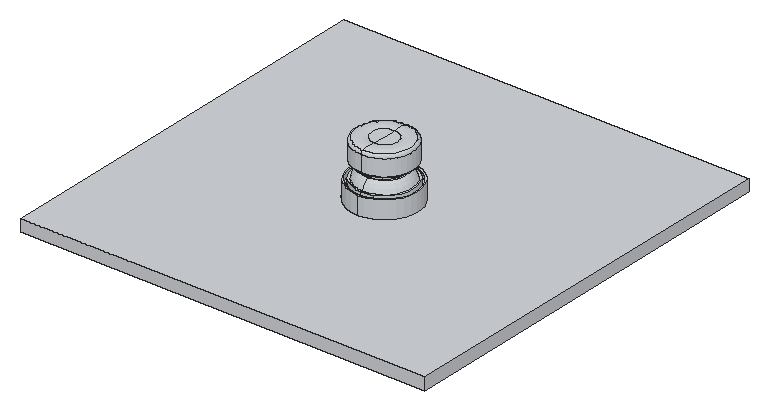
Revit family "Mflux M4", category Lighting Fixtures, Revit 2014
Parameters (values of type "Mflux M7 Fixed")
  Wattage Comments = "33"
  Wattage = 7.1 W
  built-in parameter 1150110 = 1 (stored number, unit not read)
  Type Comments = "Recessed"
  Type = "Mflux M4 Fixed"
  built-in parameter 1114217 = 1 (stored number, unit not read)
  built-in parameter 1150109 = 1 (stored number, unit not read)
  built-in parameter 1150134 = 12
  built-in parameter 1150113 = 1 (stored number, unit not read)
  O/A Diameter (mm) = "110"
  Model = "Mflux M4 Fixed"
  Manufacturer = "Designed Architectural Lighting"
  Luminous flux of luminaire (lm) = "3300"
  Lumens = 1001.1 lm
  built-in parameter 1150115 = 1 (stored number, unit not read)
  built-in parameter 1150105 = 79.665 (stored number, unit not read)
  Light Source Symbol Size = 609.6 mm
  built-in parameter 1150137 = (empty or 0)
  built-in parameter 1150139 = (empty or 0)
  built-in parameter 1150112 = 1 (stored number, unit not read)
  built-in parameter 1150114 = 1 (stored number, unit not read)
  Lamp = "LED"
  built-in parameter 1150132 = (empty or 0)
  built-in parameter 1150102 = (empty or 0)
  built-in parameter 1150138 = (empty or 0)
  built-in parameter 1150107 = 4000 (stored number, unit not read)
  built-in parameter 1150106 = 0.79665 (stored number, unit not read)
  Height (mm) = "100"
  built-in parameter 1150104 = 13.099 (stored number, unit not read)
  Dimming Lamp Color Temperature Shift = <None>
  Description = "Recessed LED downlighter"
  Cut Out (mm) = "102"
  Colour temperature (K) = "2700/3000/4000"
  Color Filter = 16777215
  CRI = "90+"
  built-in parameter 1114218 = 1 (stored number, unit not read)
  built-in parameter 1150133 = 10 (stored number, unit not read)
  Apparent Load = 33 VA
  Aperture (mm) = "90"
Reference planes
  plane 1 "Light Source Axis (F/B)": y = 0
  plane 2: z = 0
  plane 3 "Light Source Axis (L/R)": x = 0
  plane 4 "Light Source Elevation": z = 0
Forms (mm)
  Extrusion 1, solid
    sketch origin (-38.915, -66.34, 0) x (1, 0, 0) y (0, 1, 0)
      loop
        line (-261.085, 366.181) -> (-261.085, -233.819) -> (338.915, -233.819) -> (338.915, 366.181) -> (-261.085, 366.181)
      loop
        circle (38.915, 66.181) r 51
    from 0 to 18
  Revolve 2, solid
    sketch origin (0, 0, 0) x (0, 1, 0) y (0, 0, 1)
      loop
        line (54.84, 0) -> (49.15, 0) -> (49.15, 43.767) -> (47.102, 43.767) -> (47.102, 37.31) -> (43.119, 37.31) -> (43.119, 28.511) -> (47.102, 28.511) -> (47.102, 12.228) -> (44.633, 12.228) -> (44.633, 6.09) -> (45.55, 6.09) -> (45.55, -1.989) -> (54.84, -1.989) -> (54.84, 0)
      axis (0, 43.767) -> (0, -1.989)
    angle from 0 to 360
  Revolve 3, solid
    sketch origin (0, 0, 0) x (0, 1, 0) y (0, 0, 1)
      loop
        line (45.55, -1.989) -> (45.55, -0.813) -> (44.669, -0.813) -> (25.761, 22.537) -> (24.715, 22.537) -> (44.576, -1.989) -> (45.55, -1.989)
      axis (0, 22.537) -> (0, -1.989)
    angle from 0 to 360
  Revolve 4, solid
    sketch origin (0, 0, 0) x (0, 1, 0) y (0, 0, 1)
      loop
        line (25.959, 68.262) -> (39.874, 68.262) -> (42.502, 70.89) -> (42.502, 94.631)
        arc (42.502, 94.631) -> (41.615, 97.443) -> (39.276, 99.238) r 4.902
        arc (39.276, 99.238) -> (29.338, 101.169) -> (19.288, 99.936) r 32.361
        line (19.288, 99.936) -> (0, 99.936) -> (0, 66.024) -> (11.172, 66.024) -> (25.959, 66.024) -> (25.959, 68.262)
      axis (0, 99.936) -> (0, 66.024)
    angle from 0 to 360
  Revolve 5, solid
    sketch origin (0, 0, 0) x (0, 1, 0) y (0, 0, 1)
      loop
        line (0, 23.369) -> (25.304, 23.369) -> (26.461, 36.6) -> (25.092, 36.6) -> (20.379, 53.037) -> (20.379, 55.391) -> (23.128, 55.391) -> (23.128, 58.698) -> (21.183, 58.698) -> (21.183, 65.59) -> (0, 65.59) -> (0, 23.369)
      axis (-0.16, 23.369) -> (-0.16, 65.59)
    angle from 0 to 360
  Revolve 6, solid
    sketch origin (0, 0, 0) x (0, 1, 0) y (0, 0, 1)
      loop
        line (43.119, 28.511) -> (43.119, 45.498) -> (39.746, 45.498)
        arc (39.746, 45.498) -> (36.071, 52.76) -> (30.931, 59.072) r 37.943
        line (30.931, 59.072) -> (28.929, 59.072)
        arc (28.929, 59.072) -> (35.107, 52.105) -> (39.252, 43.767) r 35.355
        line (39.252, 43.767) -> (39.252, 26.341) -> (43.119, 26.341) -> (43.119, 28.511)
      axis (0, 59.072) -> (0, 26.341)
    angle from 0 to 360
Dimensions and locks
  aligned and locked: plane 3 "Light Source Axis (L/R)" to imposter light
  aligned and locked: plane 1 "Light Source Axis (F/B)" to imposter light
  aligned and locked: plane 4 "Light Source Elevation" to imposter light
  aligned and locked: level to plane 2
